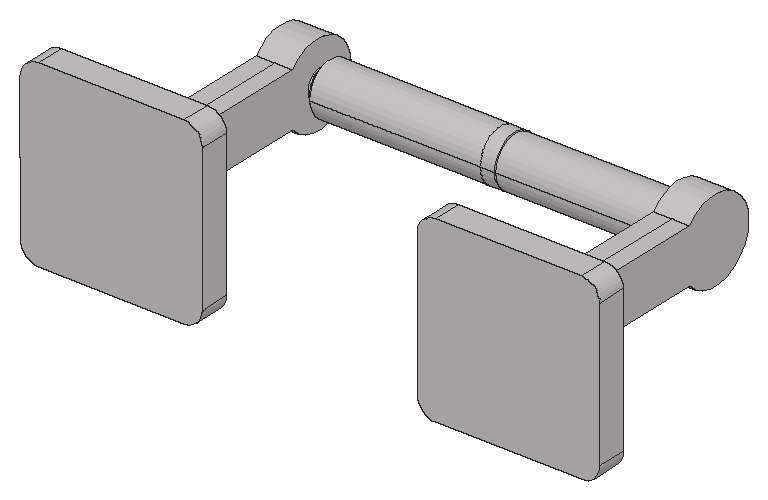
Revit family "SA-2405", category Plumbing Fixtures, host Wall, Revit 2023
Family settings
  Host = Wall
  Round Connector Dimension = Use Diameter
  Part Type = Normal
  OmniClass Number = 23.45.00.00
  OmniClass Title = Sanitary, Laundry, and Cleaning Equipment
  Enable Cutting in Views = No
  Always vertical = Yes
  Cut with Voids When Loaded = No
  Maintain Annotation Orientation = No
  Shared = No
  Room Calculation Point = No
Parameters
  Default Elevation = 0' - 0"
Reference planes (in)
  plane 1: y = 0
  plane 2 "Center (Left/Right)": x = -0.47711
  plane 3 "Back": y = 3
  plane 4: z = 36
  plane 5: z = 36
  plane 6: y = 5.75
  plane 7: y = 4.8125
  plane 8: z = 37.375
  plane 9: z = 34.625
  plane 10: x = -3.47711
  plane 11: x = 2.52289
  plane 12: y = 7.1875
  plane 13: y = 6.5625
Forms (in)
  Extrusion 1, solid, material "metal finish"
    sketch origin (49.77289, 3, -23.52289) x (0, 0, -1) y (-1, 0, 0)
      loop
        arc (-60.6231, 54.625) -> (-60.81741, 54.54451) -> (-60.89789, 54.35021) r 0.27479
        line (-60.89789, 54.35021) -> (-60.89789, 52.14979)
        arc (-60.89789, 52.14979) -> (-60.81741, 51.95549) -> (-60.6231, 51.875) r 0.27479
        line (-60.6231, 51.875) -> (-58.42269, 51.875)
        arc (-58.42269, 51.875) -> (-58.22838, 51.95549) -> (-58.14789, 52.14979) r 0.27479
        line (-58.14789, 52.14979) -> (-58.14789, 54.35021)
        arc (-58.14789, 54.35021) -> (-58.22838, 54.54451) -> (-58.42269, 54.625) r 0.27479
        line (-58.42269, 54.625) -> (-60.6231, 54.625)
      loop
        line (-60.6231, 45.875) -> (-58.42269, 45.875)
        arc (-58.42269, 45.875) -> (-58.22838, 45.95549) -> (-58.14789, 46.14979) r 0.27479
        line (-58.14789, 46.14979) -> (-58.14789, 48.35021)
        arc (-58.14789, 48.35021) -> (-58.22838, 48.54451) -> (-58.42269, 48.625) r 0.27479
        line (-58.42269, 48.625) -> (-60.6231, 48.625)
        arc (-60.6231, 48.625) -> (-60.81741, 48.54451) -> (-60.89789, 48.35021) r 0.27479
        line (-60.89789, 48.35021) -> (-60.89789, 46.14979)
        arc (-60.89789, 46.14979) -> (-60.81741, 45.95549) -> (-60.6231, 45.875) r 0.27479
    from 0 to 0.44231
  Extrusion 2, solid, material "metal finish"
    sketch origin (-60, 3, 0) x (-1, 0, 0) y (0, 0, 1)
      loop
        line (-62.79286, 36.40724) -> (-62.79286, 36) -> (-62.79286, 35.59276) -> (-62.52289, 35.59276) -> (-62.24413, 35.59276) -> (-62.24413, 36) -> (-62.24413, 36.40724) -> (-62.52289, 36.40724) -> (-62.79286, 36.40724)
    from 0 to 3.09028
  Extrusion 3, solid, material "metal finish"
    sketch origin (-66, 3, 0) x (-1, 0, 0) y (0, 0, 1)
      loop
        line (-62.79286, 36.40724) -> (-62.79286, 36) -> (-62.79286, 35.59276) -> (-62.52289, 35.59276) -> (-62.24413, 35.59276) -> (-62.24413, 36) -> (-62.24413, 36.40724) -> (-62.52289, 36.40724) -> (-62.79286, 36.40724)
    from 0 to 3.09028
  Extrusion 4, solid, material "metal finish"
    sketch origin (-6.47711, -2.75, 0) x (0, 1, 0) y (0, 0, 1)
      loop
        circle (9.3125, 36) r 0.625
    from 2.72124 to 3.26997
  Revolve 5, solid, material "metal finish"
    sketch origin (0, -2.57278, 36) x (1, 0, 0) y (0, 1, 0)
      loop
        line (-3.20714, 9.16653) -> (-0.25587, 9.16653) -> (-0.25587, 9.54998) -> (-0.47711, 9.54998) -> (-3.04439, 9.54998) -> (-3.04439, 9.51089) -> (-3.08018, 9.51089) -> (-3.08018, 9.46777)
        arc (-3.08018, 9.46777) -> (-3.10976, 9.41654) -> (-3.16534, 9.39631) r 0.08648
        line (-3.16534, 9.39631) -> (-3.20714, 9.39631) -> (-3.20714, 9.16653)
      axis (-3.20714, 9.16653) -> (-0.25587, 9.16653)
    angle from 0 to 360
  Extrusion 6, solid, material "metal finish"
    sketch origin (-2.37599, 0.08124, 0) x (0, 1, 0) y (0, 0, 1)
      loop
        circle (6.48126, 36) r 0.625
    from 4.62012 to 5.16885
  Revolve 7, solid, material "metal finish"
    sketch origin (0, 0.03125, 35.99687) x (1, 0, 0) y (0, 1, 0)
      loop
        line (-0.25587, 6.5625) -> (2.24413, 6.5625) -> (2.24413, 6.81128)
        arc (2.24413, 6.81128) -> (2.18139, 6.83727) -> (2.1554, 6.90001) r 0.08873
        line (2.1554, 6.90001) -> (2.11721, 6.90001) -> (2.11721, 6.9375) -> (2.07565, 6.9375) -> (-0.25587, 6.9375) -> (-0.25587, 6.5625)
      axis (2.24413, 6.5625) -> (-0.25587, 6.5625)
    angle from 0 to 360
Cuts and joins
  joined: Extrusion 1, Extrusion 2, Extrusion 3, Extrusion 4, Extrusion 6
Text (in)
  text "Placement Side" at (0, 40.15149, 123.01588), in view "Right"
  text "Placement Side" at (-70.3804, 45.82615, 0), in view "Ref. Level"
  text "Placement Side" at (0, 47.49176, 113.10569), in view "Left"
Dimensions and locks (in)
  locked: plane 3 "Back" to host wall
  plane 2 "Center (Left/Right)" to plane 10 = 0' - 3"
  Extrusion 1 to plane 6 = 0' - 2 3/4"
  plane 10 to plane 11 = 0' - 6"  (x2)
  cut or joined group of Extrusion 1, Extrusion 2, Extrusion 3, Extrusion 4, Extrusion 6 to plane 13 = 0' - 3 9/16"
  plane 13 to cut or joined group of Extrusion 1, Extrusion 2, Extrusion 3, Extrusion 4, Extrusion 6 = 0' - 3.12019"
  plane 13 to cut or joined group of Extrusion 1, Extrusion 2, Extrusion 3, Extrusion 4, Extrusion 6 = 0' - 3 9/16"
  plane 12 to cut or joined group of Extrusion 1, Extrusion 2, Extrusion 3, Extrusion 4, Extrusion 6 = 0' - 4 3/16"
